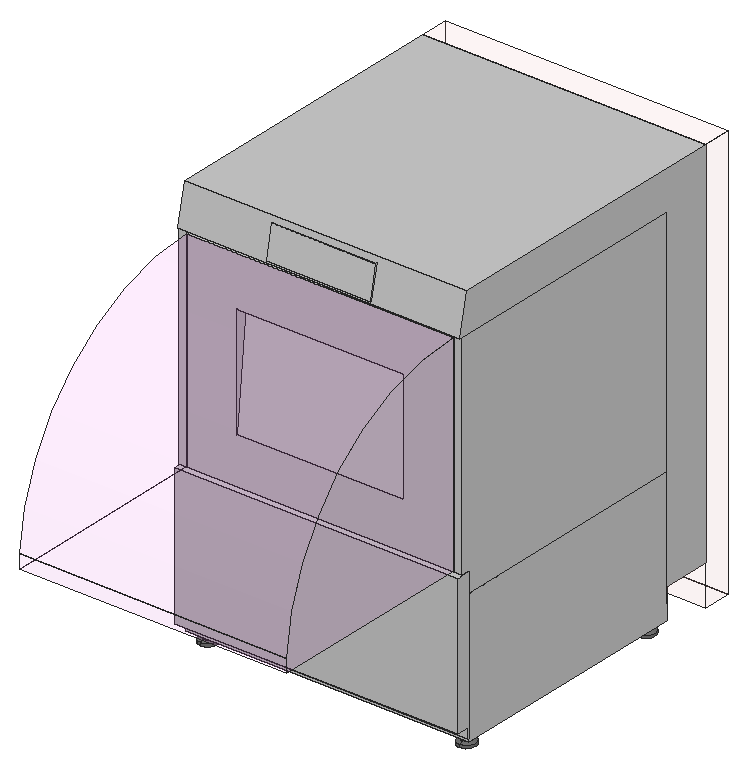
Revit family "AX-UX-40_ISO", category Equipos especializados, Revit 2016
Family settings
  Tipo de pieza = Normal
  Cota de conector redondo = Diámetro de uso
  Se basa en plano de trabajo = No
  Siempre vertical = Sí
  Corte con vacíos al cargar = No
  Compartido = No
  Punto de cálculo de habitación = No
Parameters
  Show Logo [instance] = yes
  Show Clearances [instance] = yes
Reference planes
  plane 1 "Centro (Frontal/Posterior)": y = 0
  plane 2: z = 0
  plane 3 "Centro (Izquierda/Derecha)": x = 0
  plane 4: y = 50
  plane 5: y = -890.446
  plane 6: x = 490
  plane 7: y = -84.6
Forms (mm)
  Extrusion 1, solid
    sketch origin (-45, 0, 0) x (0, 1, 0) y (0, 0, 1)
      loop
        line (-531.316, 653.204) -> (-84.6, 653.204) -> (-84.6, 47) -> (-83.8, 47) -> (-83.8, 71) -> (0, 71) -> (0, 720.206) -> (-517.074, 720.206) -> (-531.316, 653.204)
    from 45 to 535
  Extrusion 2, solid
    sketch origin (-45, 0, 0) x (0, 1, 0) y (0, 0, 1)
      loop
        line (-84.6, 653.204) -> (-528.2, 653.204) -> (-528.2, 284.663) -> (-513.758, 284.663) -> (-513.758, 249.362) -> (-84.6, 249.362) -> (-84.6, 653.204)
    from 45 to 535
  Extrusion 3, solid
    sketch origin (-45, 105.851, 0) x (0, 1, 0) y (0, 0, 1)
      loop
        line (-619.609, 282.99) -> (-643.609, 282.99) -> (-643.609, 41.05) -> (-620.409, 41.05) -> (-620.409, 24) -> (-619.609, 24) -> (-619.609, 282.99)
    from 45 to 535
  Extrusion 4, solid
    sketch origin (-45, 0, 0) x (0, 1, 0) y (0, 0, 1)
      loop
        line (-84.6, 249.362) -> (-513.758, 249.362) -> (-513.758, 19) -> (-84.6, 19) -> (-84.6, 249.362)
    from 45 to 535
  Extrusion 5, void
    sketch origin (-66.859, 108.3, -33.183) x (0, 1, 0) y (0, 0, 1)
      loop
        line (-636.5, 317.846) -> (-612.75, 317.846) -> (-612.75, 686.387) -> (-636.5, 686.387) -> (-636.5, 317.846)
    from 80.859 to 542.859
  Extrusion 6, solid
    sketch origin (-45, 108.05, -35.592) x (0, 1, 0) y (0, 0, 1)
      loop
        line (-636.25, 320.255) -> (-612.5, 320.255) -> (-612.5, 683.296) -> (-636.25, 683.296) -> (-636.25, 320.255)
    from 59 to 521
  Extrusion 7, void
    sketch origin (-45, 108.05, -105.592) x (0, 1, 0) y (0, 0, 1)
      loop
        line (-621.782, 687.106) -> (-630.815, 674.673) -> (-636.25, 667.192) -> (-636.25, 470.892) -> (-613.687, 685.56) -> (-621.782, 687.106)
    from 145 to 435
  Extrusion 8, solid
    sketch origin (-45, 104.115, -113.41) x (0, 1, 0) y (0, 0, 1)
      loop
        line (-634.783, 769.663) -> (-623.305, 823.663) -> (-624.283, 823.87) -> (-635.761, 769.87) -> (-634.783, 769.663)
    from 200 to 380
  Revolve 9, solid
    sketch origin (20.4, 108.209, 0) x (0, 1, 0) y (0, 0, 1)
      loop
        line (-599.609, 19) -> (-604.609, 19) -> (-604.609, 12) -> (-608.109, 12) -> (-608.109, 7.753) -> (-614.609, 4) -> (-614.609, 0) -> (-599.609, 0) -> (-599.609, 19)
      axis (-599.609, 19) -> (-599.609, 0)
    angle from 0 to 360
  Revolve 10, solid
    sketch origin (469.4, 108.209, 0) x (0, 1, 0) y (0, 0, 1)
      loop
        line (-599.609, 19) -> (-604.609, 19) -> (-604.609, 12) -> (-608.109, 12) -> (-608.109, 7.753) -> (-614.609, 4) -> (-614.609, 0) -> (-599.609, 0) -> (-599.609, 19)
      axis (-599.609, 19) -> (-599.609, 0)
    angle from 0 to 360
  Revolve 11, solid
    sketch origin (469.4, 498.009, 0) x (0, 1, 0) y (0, 0, 1)
      loop
        line (-599.609, 19) -> (-604.609, 19) -> (-604.609, 12) -> (-608.109, 12) -> (-608.109, 7.753) -> (-614.609, 4) -> (-614.609, 0) -> (-599.609, 0) -> (-599.609, 19)
      axis (-599.609, 19) -> (-599.609, 0)
    angle from 0 to 360
  Revolve 12, solid
    sketch origin (20.4, 498.009, 0) x (0, 1, 0) y (0, 0, 1)
      loop
        line (-599.609, 19) -> (-604.609, 19) -> (-604.609, 12) -> (-608.109, 12) -> (-608.109, 7.753) -> (-614.609, 4) -> (-614.609, 0) -> (-599.609, 0) -> (-599.609, 19)
      axis (-599.609, 19) -> (-599.609, 0)
    angle from 0 to 360
  Extrusion 13, solid
    sketch origin (-115.512, 0, 4.061) x (1, 0, 0) y (0, 0, 1)
      loop
        circle (539.912, 32.379) r 12.5
    from 53.8 to 84.6
  Extrusion 14, solid, visible <- "Show Clearances"
    sketch origin (-45, 0, 0) x (0, 1, 0) y (0, 0, 1)
      loop
        line (0, 0) -> (50, 0) -> (50, 720.206) -> (0, 720.206) -> (0, 0)
    from 45 to 535
  Extrusion 15, solid
    sketch origin (10, 0, 0) x (0, 1, 0) y (0, 0, 1)
      loop
        line (-890.446, 308.663) -> (-890.446, 284.663) -> (-528.2, 284.663) -> (-528.2, 647.704)
        arc (-528.2, 647.704) -> (-776.278, 549.721) -> (-890.446, 308.663) r 363.041
    from 4 to 466
  Extrusion 16, solid
    sketch origin (10, -20.4, -0.446) x (1, 0, 0) y (0, 0, 1)
      loop
        circle (189.6, 48.61) r 15
      loop
        circle (244.7, 48.61) r 15
    from 43.4 to 64.2
  Extrusion 17, void
    sketch origin (10, 0, 0) x (1, 0, 0) y (0, 0, 1)
      loop
        line (170.22, 44.348) -> (433.69, 44.348)
        arc (433.69, 44.348) -> (415.627, 59.652) -> (395.617, 47) r 20
        line (395.617, 47) -> (264.469, 47)
        arc (264.469, 47) -> (244.6, 69.287) -> (224.731, 47) r 20
        line (224.731, 47) -> (209.469, 47)
        arc (209.469, 47) -> (188.252, 69.242) -> (170.22, 44.348) r 20
    from 83.8 to 84.6
Cuts and joins
  Extrusion 5, Extrusion 7 cuts Extrusion 2
  Extrusion 7 cuts Extrusion 6
  Extrusion 17 cuts Extrusion 1
  Extrusion 17 cuts Extrusion 4
  Extrusion 17 cuts Extrusion 14
Lines and regions (mm)
  symbolic lines, style "QF-Clearances"
    curve 1: line (10, 50, 0) -> (490, 50, 0)
  symbolic lines, style "200-EquipBorder-2D"
    curve 2: line (0, 0, 0) -> (490, 0, 0)
    curve 3: line (490, 0, 0) -> (490, -537.758, 0)
    curve 4: line (490, -537.758, 0) -> (476, -537.758, 0)
    curve 5: line (476, -537.758, 0) -> (14, -537.758, 0)
    curve 6: line (14, -537.758, 0) -> (0, -537.758, 0)
    curve 7: line (0, -537.758, 0) -> (0, 0, 0)
  symbolic lines, style "QF-Door-Drawer_Clearances"
    curve 8: line (14, -537.758, 0) -> (14, -890.446, 0)
    curve 9: line (14, -890.446, 0) -> (476, -890.446, 0)
    curve 10: line (476, -890.446, 0) -> (476, -537.758, 0)
Dimensions and locks
  aligned and locked: level to plane 2
Connectors
  electrical at (424.4, -53.8, 36.44)
    settings: on Extrusion 13, index 3, voltage 230 V, apparent load 0 VA, apparent load phase1 0 VA, apparent load phase2 0 VA, apparent load phase3 0 VA, power factor 1, load classification "Otro", number of poles 1, system type 31, power factor state 1, is connector primary yes, connector utility no, sub classification motor no, connector description "Conexion electrica"
  piping at (199.6, -63.8, 48.164), diameter 30
    settings: on Extrusion 16, index 4, connector inside diameter 609.6 mm, connector length 0 mm, flow factor 0, pipe flow 0.0 L/s, pressure drop 0.0 Pa, fitting loss kfactor 0, connector angle 0.00°, fixture units 0, engagement length 0 mm, angle of deflection 0.00°, flow configuration 1, flow direction 1, fitting loss method 0, system type 20, joint type 0, gender type 0, connector reference index -1, connector utility 0, adjustable connector no, is connector primary yes, connector description "Conexion agua"
  piping at (254.7, -63.8, 48.164), diameter 30
    settings: on Extrusion 16, index 5, connector inside diameter 609.6 mm, connector length 0 mm, flow factor 0, pipe flow 0.0 L/s, pressure drop 0.0 Pa, fitting loss kfactor 0, connector angle 0.00°, fixture units 0, engagement length 0 mm, angle of deflection 0.00°, flow configuration 1, flow direction 2, fitting loss method 0, system type 16, joint type 0, gender type 0, connector reference index -1, connector utility 0, adjustable connector no, is connector primary no, connector description "Conexion agua"
